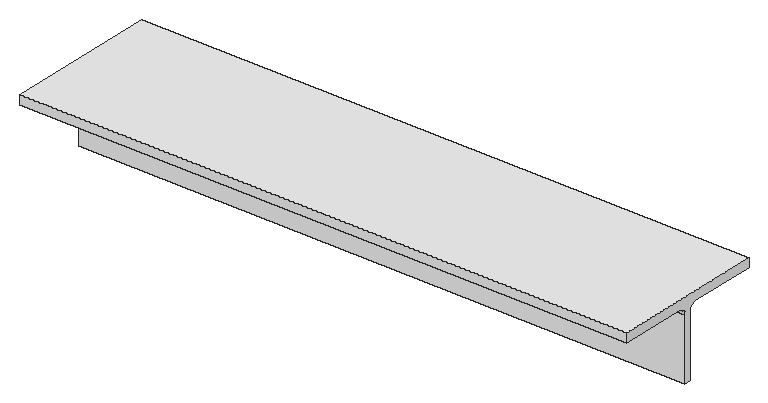
Revit family
Parameters (values of type "TUC305x152x59")
  Start Extension Calculation [instance] = 3012.5 mm + Start Extension  # 3000 mm
  Start Extension [instance] = -12.5 mm
  End Extension Calculation [instance] = 3012.5 mm + End Extension  # 3000 mm
  End Extension [instance] = -12.5 mm
  Beam Material [instance] = Metal - Steel - 345 MPa
  Assembly Code = ""
  A = 0.008 m²
  Length [instance] = 1500 mm
  W = 0.57761
  bf = 306.8 mm
  d = 157.2 mm
  k = 33.9 mm
  kr = k - tf  # 15.2 mm
  tf = 18.7 mm
  tw = 11.9 mm
Reference planes
  plane 1 "Center (Front/Back)": y = 0
  plane 2: z = 0
  plane 3 "Center (Left/Right)": x = 4.61
  plane 4 "Member Left": x = -604.99
  plane 5 "Member Right": x = 614.21
  plane 6: y = 153.4
  plane 7: y = -153.4
  plane 8 "Top": z = 78.6
  plane 9: z = -78.6
  plane 10 "Left": x = -757.39
  plane 11 "Right": x = 742.61
  plane 12: x = -604.99
  plane 13: x = 614.21
  plane 14: x = 2395.01
  plane 15: x = -2385.79
Forms (mm)
  Sweep 1, solid, material "Metal - Steel - 345 MPa" <- "Beam Material", detail levels medium
    path origin (0, 0, 0) x (1, 0, 0) y (0, 1, 0)
      loop
        line (614.21, 0) -> (-604.99, 0)
    profile "M_Structural Tee-Profile-Medium : M_Structural Tee-Profile-Medium" origin (4.61, 0, 0) x (0, -1, 0) y (0, 0, 1)
      loop
        line (-153.4, 78.6) -> (-153.4, 59.9) -> (-5.95, 59.9) -> (-5.95, -78.6) -> (5.95, -78.6) -> (5.95, 59.9) -> (153.4, 59.9) -> (153.4, 78.6) -> (-153.4, 78.6)
  Sweep 2, solid, material "Metal - Steel - 345 MPa" <- "Beam Material", detail levels fine
    path origin (0, 0, 0) x (1, 0, 0) y (0, 1, 0)
      loop
        line (614.21, 0) -> (-604.99, 0)
    profile "M_Structural Tee-Profile-Fine : M_Structural Tee-Profile-Fine" origin (4.61, 0, 0) x (0, -1, 0) y (0, 0, 1)
      loop
        line (-153.4, 78.6) -> (-153.4, 59.9) -> (-21.15, 59.9)
        arc (-21.15, 59.9) -> (-10.402, 55.448) -> (-5.95, 44.7) r 15.2
        line (-5.95, 44.7) -> (-5.95, -78.6) -> (5.95, -78.6) -> (5.95, 44.7)
        arc (5.95, 44.7) -> (10.402, 55.448) -> (21.15, 59.9) r 15.2
        line (21.15, 59.9) -> (153.4, 59.9) -> (153.4, 78.6) -> (-153.4, 78.6)
Lines and regions (mm)
  symbolic lines, style "Hidden Faces", detail levels medium+fine
    curve 1: line (614.21, -6.5, 0) -> (-604.99, -6.5, 0)
    curve 2: line (614.21, 6.5, 0) -> (-604.99, 6.5, 0)
  symbolic lines, style "Stick Symbols", detail levels coarse
    curve 3: line (4.61, 153.4, 78.6) -> (4.61, -153.4, 78.6)
    curve 4: line (4.61, 0, 78.6) -> (4.61, 0, -78.6)
Dimensions and locks
  "bf": plane 6 to plane 7
  "d": plane 9 to plane 8 "Top"
  equal spacing: plane 9, plane 2, plane 8 "Top"
  equal spacing: plane 6, plane 1 "Center (Front/Back)", plane 7
  "Length": plane 10 "Left" to plane 11 "Right"
  locked: plane 4 "Member Left" to plane 14 at 3000
  locked: plane 15 to plane 5 "Member Right" at 3000
  "Start Extension Calculation": plane 12 to plane 14
  "End Extension Calculation": plane 15 to plane 13
  aligned and locked: Sweep 1 sketch curve to plane 1 "Center (Front/Back)"
  aligned and locked: Sweep 2 sketch curve to plane 1 "Center (Front/Back)"
  aligned and locked: Sweep 2 to curve 3  (x2)
  aligned and locked: curve 4 to Sweep 1
  aligned and locked: curve 3 to Sweep 2
  aligned and locked: plane 12 to Sweep 2 sketch curve
  aligned and locked: plane 13 to Sweep 2 sketch curve
  aligned and locked: plane 12 to Sweep 1 sketch curve
  aligned and locked: plane 13 to Sweep 1 sketch curve
  aligned and locked: plane 12 to curve 2
  aligned and locked: plane 12 to curve 1
  aligned and locked: plane 13 to curve 2
  aligned and locked: plane 13 to curve 1
Automatic sketch dimensions
  plane 1 "Center (Front/Back)" to curve 1 = 6.5 mm
  curve 2 to plane 1 "Center (Front/Back)" = 6.5 mm
  curve 4 to plane 1 "Center (Front/Back)" = 0 mm
